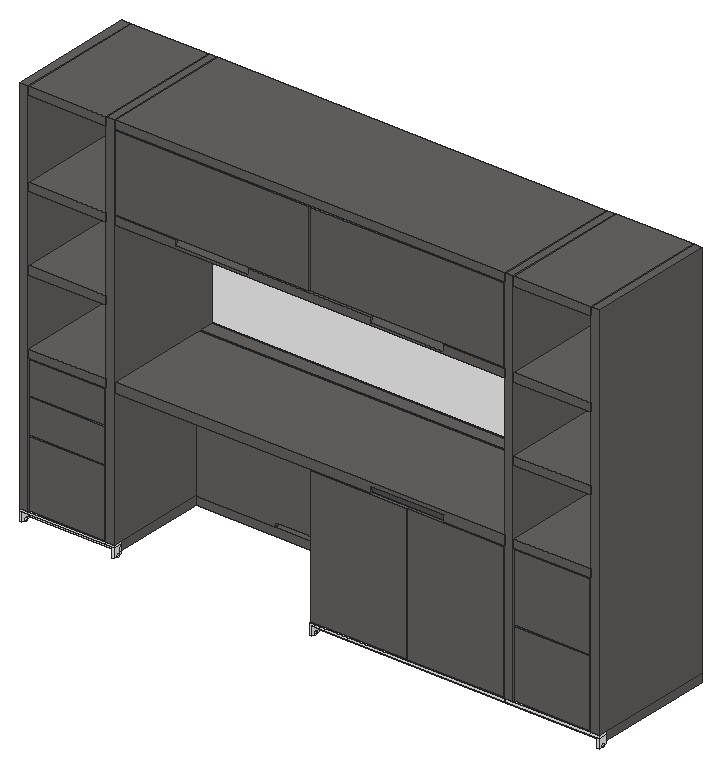
Revit family "Storage-Wall-Teknion-ZXOS_74_High_Without_Lights-R2011", category Furniture Systems, Revit 2013
Parameters (values of type "(See Type Catalog)")
  Working Wall Finish [instance] = Glass - Teknion - K6 - White Backpainted
  Width = 108 105/128"
  Warranty = "http://www.teknionstudio.com/pdfs/Teknion%20Studio%20Warranty.pdf"
  Wall Unit Finish [instance] = Veneer - Teknion - P7 - Grey Oak
  Unit Weight = 740.00 lbf
  URL = "www.teknionstudio.com"
  Tabletop Cutout Offset = if(Has Double Doors, 0", 4")  # 0"
  Right Storage Tower = Storage-Unit-Teknion-Tower : Upper Shelves & File/File Pedestal
  Left Storage Tower = Storage-Unit-Teknion-Tower : Upper Shelves & Box/Box/File Pedestal
  Series = "B&B Italia"
  Product Page URL = "http://www.teknionstudio.com/acexecutive/"
  Product Line = "AC Executive"
  Product Documentation Link = "http://www.teknionstudio.com/pricing/ac_executive_storage_walls_ppg.pdf"
  Part Number = "ZXOS"
  Model = ""
  Manufacturer Phone = "919-464-2920"
  Manufacturer Fax = "919-464-2927"
  Manufacturer Email = "customersupport@teknionstudio.com"
  Manufacturer Address = "3940 US 70 Business HWY West, Clayton, NC 27520"
  Manufacturer = "Teknion Studio"  # constant formula
  Low Emitting Material = yes
  Low Emitting Finish = yes
  Height = 73.81394"
  Has File File Drawers = not(Has Double Doors)  # no
  Has Double Doors = yes
  Description = ""
  Depth = 24"
  Assembly Code = "E2020200"
Reference planes (in)
  plane 1 "Center F/B": y = 0
  plane 2: z = 0
  plane 3 "Back": y = 12
  plane 4 "Front": y = -12
  plane 5 "Top": z = 73.81394
  plane 6: x = 28.60504
  plane 7: z = 29.68402
  plane 8: z = 56.1289
  plane 9: x = -44.78207
  plane 10: z = 2.1289
  plane 11 "Center (L/R)": x = -8.08858
  plane 12 "Foot Centerline": y = -11.2126
  plane 13 "Tabletop Cutout": y = -12
  plane 14 "Foot Centerline Front": y = -10.22835
  plane 15 "Foot Centerline Back": y = 10.22835
  plane 16: y = -8.484
  plane 17 "Left": x = -62.49874
  plane 18 "Right": x = 46.32157
Forms (in)
  Sweep 1, solid, material "Metal - Teknion - C6 - Chrome"
    path origin (0, 0, 0) x (1, 0, 0) y (0, 0, 1)
      loop
        line (-8.08858, 0.05803) -> (-8.08858, 2.1289) -> (28.60504, 2.1289)
    profile origin (10.25823, 0, 2.1289) x (0, 0, 1) y (0, -1, 0)
      loop
        line (0, 12) -> (-0.394, 12) -> (-0.394, 10.4252) -> (0, 10.4252) -> (0, 12)
  Sweep 2, solid, material "Metal - Teknion - C6 - Chrome"
    path origin (0, 0, 0) x (1, 0, 0) y (0, 0, 1)
      loop
        line (-8.08858, 2.1289) -> (28.60504, 2.1289)
    profile origin (10.25823, 0, 2.1289) x (0, 0, 1) y (0, -1, 0)
      loop
        line (-0.394, 10.6222) -> (-1.5748, 10.6222) -> (-1.5748, 10.4252) -> (-0.394, 10.4252) -> (-0.394, 10.6222)
  Revolve 3, solid, material "Metal - Teknion - C6 - Chrome"
    sketch origin (0.39385, -11.2126, 0) x (0, 0, -1) y (1, 0, 0)
      loop
        line (-0.4911, -8.28543) -> (-0.4911, -8.62008) -> (-0.45173, -8.65945) -> (-0.28492, -8.65945) -> (-0.24555, -8.62008) -> (-0.20618, -8.65945) -> (-0.03937, -8.65945) -> (0, -8.62008) -> (0, -8.28543) -> (-0.4911, -8.28543)
      axis (0, -8.28543) -> (-0.4911, -8.28543)
    angle from 0 to 360
  Sweep 4, solid, material "Veneer - Teknion - P7 - Grey Oak" <- "Wall Unit Finish"
    path origin (0, 0, 0) x (1, 0, 0) y (0, 0, 1)
      loop
        line (-44.78207, 29.68402) -> (28.60504, 29.68402)
    profile origin (-8.08852, 0, 29.68402) x (0, 0, 1) y (0, -1, 0)
      loop
        line (0, 12) -> (-1.7638, 12) -> (-1.7638, -7.11393) -> (-5.30827, -7.11393) -> (-5.30827, -7.08268) -> (-27.55512, -7.08268) -> (-27.55512, -7.11393) -> (-29.0945, -7.11393) -> (-29.0945, -12) -> (-27.55512, -12) -> (-27.55512, -7.80668) -> (-5.30828, -7.80668) -> (-5.30828, -12) -> (44.12992, -12) -> (44.12992, 12) -> (42.59022, 12) -> (42.59022, 11.2126) -> (27.98392, 11.2126) -> (27.98392, 12) -> (26.44488, 12) -> (26.44488, -10.94094) -> (0, -10.94094) -> (0, -10.90969) -> (-0.72441, -10.90969) -> (-0.72441, -10.56693) -> (0, -10.56693) -> (0, -8.05709) -> (-0.72441, -8.05709) -> (-0.72441, -7.80709) -> (0, -7.80709) -> (0, 12)
  Sweep 5, solid, material "Veneer - Teknion - P7 - Grey Oak" <- "Wall Unit Finish"
    path origin (0, 0, 0) x (1, 0, 0) y (0, 0, 1)
      loop
        line (-8.08858, 29.68402) -> (28.60504, 29.68402)
    profile origin (10.25823, 0, 29.68402) x (0, 0, 1) y (0, -1, 0)
      loop
        line (-1.7638, 11.27559) -> (-27.55512, 11.27559) -> (-27.55512, 10.4252) -> (-29.0945, 10.4252) -> (-29.0945, -12) -> (-1.7638, -12) -> (-1.7638, 11.27559)
  Sweep 6, solid, material "Veneer - Teknion - P7 - Grey Oak" <- "Wall Unit Finish"
    path origin (0, 0, 15.40683) x (-1, 0, 0) y (0, -1, 0)
      loop
        line (16.17717, 12) -> (16.17717, 11.276)
    profile origin (-16.17717, -11.638, 15.40683) x (-1, 0, 0) y (0, 0, 1)
      loop
        line (28.35376, 42.5111) -> (28.35376, 56.6174) -> (-7.96416, 56.6174) -> (-7.96416, 42.5111) -> (28.35376, 42.5111)
      loop
        line (-8.21416, 56.6174) -> (-44.5322, 56.6174) -> (-44.5322, 42.5111) -> (-8.21416, 42.5111) -> (-8.21416, 56.6174)
  Sweep 7, solid, material "Veneer - Teknion - P7 - Grey Oak" <- "Wall Unit Finish", visible <- "Has Double Doors"
    path origin (0, 0, 15.40683) x (-1, 0, 0) y (0, -1, 0)
      loop
        line (16.17717, 12) -> (16.17717, 11.276)
    profile origin (-16.17717, -11.638, 15.40683) x (-1, 0, 0) y (0, 0, 1)
      loop
        line (-44.5315, 12.26339) -> (-44.5315, -13.03482) -> (-26.54031, -13.03482) -> (-26.54031, 12.26339) -> (-44.5315, 12.26339)
      loop
        line (-26.29031, 12.26339) -> (-26.29031, -13.03482) -> (-8.33858, -13.03482) -> (-8.33858, 12.26339) -> (-26.29031, 12.26339)
  Sweep 8, solid, material "Veneer - Teknion - P7 - Grey Oak" <- "Wall Unit Finish", visible <- "Has File File Drawers"
    path origin (0, 0, 15.40683) x (-1, 0, 0) y (0, -1, 0)
      loop
        line (16.17717, 12) -> (16.17717, 11.276)
    profile origin (-16.17717, -11.638, 15.40683) x (-1, 0, 0) y (0, 0, 1)
      loop
        line (-44.5315, 12.26339) -> (-44.5315, 0.01144) -> (-8.33858, 0.01144) -> (-8.33858, 12.26339) -> (-44.5315, 12.26339)
      loop
        line (-8.33858, -0.77597) -> (-44.5315, -0.77597) -> (-44.5315, -13.03482) -> (-8.33858, -13.03482) -> (-8.33858, -0.77597)
  Sweep 9, void
    path origin (0, 0, 0) x (1, 0, 0) y (0, 0, 1)
      loop
        line (3.34896, 29.68402) -> (17.12848, 29.68402)
    profile origin (10.23872, 0, 29.68402) x (0, 0, 1) y (0, -1, 0)
      loop
        line (-1.7638, 12) -> (-1.7638, 11.52756) -> (-0.66143, 12) -> (-1.7638, 12)
  Sweep 10, void
    path origin (0, 0, 0) x (1, 0, 0) y (0, 0, 1)
      loop
        line (-33.3248, 56.1289) -> (-19.54528, 56.1289)
    profile origin (-26.43504, 0, 56.1289) x (0, 0, 1) y (0, -1, 0)
      loop
        line (1.53937, 12) -> (0.43699, 12) -> (1.53937, 11.52755) -> (1.53937, 12)
  Sweep 11, void
    path origin (0, 0, 0) x (1, 0, 0) y (0, 0, 1)
      loop
        line (3.36811, 56.1289) -> (17.14764, 56.1289)
    profile origin (10.25787, 0, 56.1289) x (0, 0, 1) y (0, -1, 0)
      loop
        line (1.53937, 11.52755) -> (1.53937, 12) -> (0.43699, 12) -> (1.53937, 11.52755)
  Sweep 12, void
    path origin (0, 0, 15.40683) x (-1, 0, 0) y (0, -1, 0)
      loop
        line (0, -7.80668) -> (0, -7.08268)
    profile origin (0, 7.44468, 15.40683) x (1, 0, 0) y (0, 0, 1)
      loop
        line (-29.86024, 8.96892) -> (-29.86024, 8.10396)
        arc (-29.86024, 8.10396) -> (-29.62961, 7.54718) -> (-29.07283, 7.31655) r 0.7874
        line (-29.07283, 7.31655) -> (-23.75787, 7.31655)
        arc (-23.75787, 7.31655) -> (-23.2011, 7.54718) -> (-22.97047, 8.10396) r 0.7874
        line (-22.97047, 8.10396) -> (-22.97047, 8.96892) -> (-29.86024, 8.96892)
      loop
        line (-22.97047, -13.27793) -> (-22.97047, -13.12045)
        arc (-22.97047, -13.12045) -> (-23.18957, -12.59152) -> (-23.7185, -12.37242) r 0.74803
        line (-23.7185, -12.37242) -> (-29.1122, -12.37242)
        arc (-29.1122, -12.37242) -> (-29.64114, -12.59152) -> (-29.86024, -13.12045) r 0.74803
        line (-29.86024, -13.12045) -> (-29.86024, -13.27793) -> (-22.97047, -13.27793)
Cuts and joins
  joined: Sweep 1, Sweep 2, Revolve 3
  Sweep 9, Sweep 10, Sweep 11, Sweep 12 cuts Sweep 4
  joined: Sweep 4, Sweep 5
Lines and regions (in)
  Masking region 1
    outline origin (0, 0, 15.40683) x (-1, 0, 0) y (0, -1, 0)
      loop
        line (44.78207, -12) -> (44.78207, 12) -> (-28.60504, 12) -> (-28.60504, -12) -> (44.78207, -12)
  symbolic lines, style "Elevation Swing"
    curve 1: line (-44.78207, -12, 57.66827) -> (-26.43533, -12, 72.02424)
    curve 2: line (-8.08858, -12, 57.66832) -> (-26.43533, -12, 72.02424)
    curve 3: line (-8.08858, 0, 57.66832) -> (10.25823, 0, 72.19583)
    curve 4: line (10.25823, 0, 72.19583) -> (28.60504, 0, 57.66827)
  symbolic lines, style "Elevation Swing", visible <- "Has Double Doors"
    curve 5: line (10.11315, 0, 27.67022) -> (-7.83858, 0, 15.02111)
    curve 6: line (-7.83858, 0, 15.02111) -> (10.11315, 0, 2.37201)
    curve 7: line (10.36315, 0, 2.37201) -> (28.3549, 0, 15.02456)
    curve 8: line (28.3549, 0, 15.02456) -> (10.36315, 0, 27.67022)
  symbolic lines, detail levels medium+fine
    curve 9: line (-8.08858, 12, 15.40683) -> (-8.08858, -12, 15.40683)
  symbolic lines, style "FurnitureSystemsHiddenLines", detail levels fine
    curve 10: line (28.6049, -11.276, 15.40683) -> (-8.08858, -11.276, 15.40683)
    curve 15: line (28.6049, 12, 15.40683) -> (28.6049, -12, 15.40683)
  symbolic lines, visible <- "Has Double Doors"
    curve 11: arc (10.25823, -12, 15.40683) -> (15.63184, -24.97306, 15.40683) -> (28.6049, -30.34668, 15.40683) r 18.34668
    curve 12: line (-8.08858, -12, 15.40683) -> (-8.08858, -30.34681, 15.40683)
    curve 13: line (28.6049, -12, 15.40683) -> (28.6049, -30.34668, 15.40683)
    curve 14: arc (-8.08858, -30.34681, 15.40683) -> (4.88457, -24.97315, 15.40683) -> (10.25823, -12, 15.40683) r 18.34681
Dimensions and locks (in)
  equal spacing: plane 3 "Back", plane 1 "Center F/B", plane 4 "Front"
  "Depth": plane 3 "Back" to plane 4 "Front"
  "Height": plane 5 "Top" to plane 2
  locked: plane 7 to plane 2 at 29.68402
  locked: plane 8 to plane 7 at 26.44488
  locked: plane 10 to plane 2 at 2.1289
  locked: plane 10 to Sweep 2 sketch curve at 0.394
  locked: Sweep 2 sketch curve to Sweep 2 sketch curve at 1.1808
  plane 4 "Front" to Sweep 2 sketch curve to Sweep 2 sketch curve = 1.3778" locked, 0.197" locked
  locked: Revolve 3 sketch curve to plane 2 at 0.4911
  plane 11 "Center (L/R)" to Revolve 3 sketch curve = 0.17702"  (x2)
  Revolve 3 sketch curve to Revolve 3 sketch curve to Revolve 3 sketch curve to Revolve 3 sketch curve to Revolve 3 sketch curve to plane 2 = 0.16681" locked, 0.03937" locked, 0.03937" locked, 0.16681" locked, 0.03937" locked
  Revolve 3 sketch curve to plane 11 "Center (L/R)" = 0.197"
  locked: plane 4 "Front" to plane 12 "Foot Centerline" at 0.7874
  locked: plane 10 to Sweep 4 sketch curve at 1.53939
  locked: plane 7 to Sweep 4 sketch curve at 1.7638
  Sweep 5 sketch curve to Sweep 5 sketch curve to plane 3 "Back" = 23.27559", 0"
  locked: plane 7 to Sweep 5 sketch curve at 1.7638
  locked: plane 4 "Front" to Sweep 5 sketch curve at 1.5748
  locked: plane 4 "Front" to Sweep 6 sketch curve at 0.724
  plane 5 "Top" to Sweep 6 sketch curve to Sweep 6 sketch curve = 1.7897" locked, 14.1063" locked  (x2)
  Sweep 6 sketch curve to Sweep 6 sketch curve to Sweep 6 sketch curve to Sweep 6 sketch curve = 36.31805", 1/4", 36.31791"
  locked: plane 4 "Front" to Sweep 7 sketch curve at 0.724
  locked: plane 4 "Front" to Sweep 8 sketch curve at 0.724
  locked: Sweep 9 sketch curve to Sweep 9 sketch curve at 13.77953
  locked: plane 7 to Sweep 9 sketch curve at 1.7638
  locked: plane 13 "Tabletop Cutout" to Sweep 9 sketch curve at 0.47244
  "Tabletop Cutout Offset": plane 13 "Tabletop Cutout" to plane 4 "Front"
  locked: Sweep 10 sketch curve to Sweep 10 sketch curve at 13.77953
  locked: Sweep 10 sketch curve to plane 8 at 1.53937
  locked: Sweep 10 sketch curve to plane 8 at 0.43699
  locked: plane 4 "Front" to Sweep 10 sketch curve at 0.47245
  Sweep 11 sketch curve to Sweep 11 sketch curve to plane 8 = 1.10238" locked, 0.43699" locked
  locked: plane 4 "Front" to Sweep 11 sketch curve at 0.47245
  plane 3 "Back" to Sweep 12 sketch curve to Sweep 12 sketch curve = 4.19332" locked, 0.724" locked
  equal spacing: plane 11 "Center (L/R)", curve 2, plane 9
  equal spacing: plane 6, curve 4, plane 11 "Center (L/R)"
  locked: plane 4 "Front" to curve 10 at 0.724
  locked: plane 3 "Back" to plane 15 "Foot Centerline Back" at 1.77165
  locked: plane 4 "Front" to plane 14 "Foot Centerline Front" at 1.77165
  locked: plane 4 "Front" to plane 16 at 3.516
  locked: plane 17 "Left" to plane 9 at 17.71667
  locked: Sweep 7 sketch curve to Sweep 7 sketch curve at 25.29821  (x2)
  Sweep 7 sketch curve to Sweep 7 sketch curve to Sweep 7 sketch curve to Sweep 7 sketch curve = 17.95173" locked, 1/4" locked, 17.99118" locked
  Sweep 8 sketch curve to Sweep 8 sketch curve to Sweep 8 sketch curve to Sweep 8 sketch curve = 12.25195" locked, 0.7874" locked, 12.25886" locked
  locked: Sweep 8 sketch curve to Sweep 8 sketch curve at 36.19291  (x2)
  equal spacing: curve 12, curve 14, plane 6
  locked: Sweep 12 sketch curve to Sweep 12 sketch curve at 6.88976  (x2)
  locked: Sweep 12 sketch curve to Sweep 12 sketch curve at 1.65236
  locked: Sweep 1 sketch curve to plane 2 at 0.05803
  locked: plane 6 to Sweep 9 sketch curve at 11.47655
  locked: plane 11 "Center (L/R)" to Sweep 10 sketch curve at 11.45669
  Sweep 11 sketch curve to Sweep 11 sketch curve to plane 11 "Center (L/R)" = 13.77953" locked, 11.45669" locked
  locked: Sweep 12 sketch curve to plane 11 "Center (L/R)" at 14.88189
  locked: plane 11 "Center (L/R)" to Sweep 12 sketch curve at 14.88189
  locked: plane 11 "Center (L/R)" to Sweep 8 sketch curve at 0.25
  locked: Sweep 8 sketch curve to plane 11 "Center (L/R)" at 0.25
  locked: plane 7 to Sweep 8 sketch curve at 2.0138
  locked: Sweep 7 sketch curve to plane 11 "Center (L/R)" at 0.25
  locked: plane 7 to Sweep 7 sketch curve at 2.0138  (x2)
  locked: Sweep 6 sketch curve to plane 6 at 0.25
  locked: Revolve 3 sketch curve to plane 11 "Center (L/R)" at 0.197
  locked: plane 6 to plane 18 "Right" at 17.71654
  "Width": plane 17 "Left" to plane 18 "Right"
  equal spacing: plane 17 "Left", plane 11 "Center (L/R)", plane 18 "Right"
  aligned and locked: level to plane 2
  aligned and locked: Sweep 1 sketch curve to plane 10  (x2)
  aligned and locked: Sweep 1 sketch curve to plane 4 "Front"
  aligned and locked: Sweep 2 sketch curve to plane 10
  aligned and locked: plane 2 to Revolve 3 sketch curve
  aligned and locked: Revolve 3 sketch curve to plane 2
  aligned and locked: plane 9 to Sweep 4 sketch curve
  aligned and locked: plane 6 to Sweep 4 sketch curve
  aligned and locked: Sweep 4 sketch curve to plane 7  (x4)
  aligned and locked: Sweep 4 sketch curve to plane 4 "Front"
  aligned and locked: plane 3 "Back" to Sweep 4 sketch curve  (x2)
  aligned and locked: Sweep 5 sketch curve to plane 7
  aligned and locked: plane 10 to Sweep 5 sketch curve
  aligned and locked: plane 4 "Front" to Sweep 6 sketch curve
  aligned and locked: Sweep 4 sketch curve to plane 8
  aligned and locked: plane 4 "Front" to Sweep 7 sketch curve
  aligned and locked: plane 4 "Front" to Sweep 8 sketch curve
  aligned and locked: Sweep 9 sketch curve to plane 7
  aligned and locked: plane 13 "Tabletop Cutout" to Sweep 9 sketch curve
  aligned and locked: Sweep 10 sketch curve to plane 8
  aligned and locked: Sweep 11 sketch curve to plane 8
  aligned and locked: Sweep 11 sketch curve to plane 4 "Front"
  aligned and locked: plane 9 to curve 1
  aligned and locked: plane 11 "Center (L/R)" to curve 2
  aligned and locked: Sweep 6 to curve 2
  aligned and locked: plane 6 to curve 4
  aligned and locked: Masking region 1 sketch curve to plane 3 "Back"
  aligned and locked: Masking region 1 sketch curve to plane 4 "Front"
  aligned and locked: plane 3 "Back" to curve 9
  aligned and locked: plane 4 "Front" to curve 9
  aligned and locked: plane 3 "Back" to curve 15
  aligned and locked: plane 4 "Front" to curve 15
  aligned and locked: plane 4 "Front" to Sweep 10 sketch curve
  aligned and locked: Sweep 4 sketch curve to plane 5 "Top"
  aligned and locked: plane 12 "Foot Centerline" to Sweep 4 sketch curve
  aligned and locked: plane 4 "Front" to Sweep 4 sketch curve  (x2)
  aligned and locked: plane 4 "Front" to curve 14
  aligned and locked: Sweep 1 sketch curve to plane 11 "Center (L/R)"
  aligned and locked: plane 11 "Center (L/R)" to Sweep 2 sketch curve
  aligned and locked: plane 10 to Sweep 12 sketch curve
  aligned and locked: plane 9 to Masking region 1 sketch curve
  aligned and locked: plane 1 "Center F/B" to Sweep 5 sketch curve
  aligned and locked: plane 11 "Center (L/R)" to Sweep 5 sketch curve
  aligned and locked: plane 6 to Sweep 5 sketch curve
  aligned and locked: nested 1 to plane 2
  aligned and locked: Sweep 7 to curve 7
  aligned and locked: curve 6 to Sweep 7
  aligned and locked: curve 8 to Sweep 7
  aligned and locked: Sweep 7 to curve 5
  aligned and locked: Sweep 7 to Sweep 7  (x3)
  aligned and locked: Sweep 7 to curve 6
  aligned and locked: curve 7 to Sweep 7
  aligned and locked: Sweep 7 to curve 8
  aligned and locked: Revolve 3 sketch curve to Revolve 3 sketch curve
  aligned and locked: plane 9 to nested 1
  aligned and locked: nested 1 to plane 1 "Center F/B"
  aligned and locked: Masking region 1 sketch curve to plane 6
  aligned and locked: plane 1 "Center F/B" to nested 2
  aligned and locked: nested 2 to plane 6
  aligned and locked: plane 2 to nested 2
  aligned and locked: plane 6 to Sweep 1 sketch curve
  aligned and locked: plane 6 to Sweep 2 sketch curve
  aligned and locked: plane 10 to Sweep 4 sketch curve
Automatic sketch dimensions
  curve 9 to plane 11 "Center (L/R)" = 0"
  curve 11 to plane 6 = 0.00013"
  curve 11 to curve 14 = 0"
  plane 8 to curve 2 = 1.53942"
  plane 8 to curve 1 = 1.53937"
  profile plane to Sweep 1 sketch curve = 0.394"
  Sweep 1 sketch curve to Sweep 1 sketch curve = 1.5748"
  Sweep 5 sketch curve to plane 11 "Center (L/R)" = 0"
  Sweep 5 sketch curve to plane 6 = 0"
  Sweep 5 sketch curve to Sweep 5 sketch curve = 1.53939"
  profile plane to Sweep 9 sketch curve = 0.66143"
  profile plane to Sweep 12 sketch curve = 8.96892"
  Sweep 12 sketch curve to Sweep 12 sketch curve = 0.74803"  (x2)
  Sweep 12 sketch curve to Sweep 12 sketch curve = 0.7874"  (x2)
  Sweep 12 sketch curve to Sweep 12 sketch curve = 0.15748"
  plane 11 "Center (L/R)" to Sweep 12 sketch curve = 8.08858"
  curve 3 to plane 11 "Center (L/R)" = 0"
  curve 8 to plane 6 = 0.25013"
  curve 8 to curve 5 = 0"
  plane 10 to curve 8 = 12.89566"
  plane 10 to curve 6 = 12.89222"
  plane 10 to curve 6 = 0.24311"
  plane 8 to curve 4 = 1.53937"
  plane 8 to curve 3 = 1.53942"
  curve 3 to plane 5 "Top" = 1.61811"
  Revolve 3 sketch curve to Revolve 3 sketch curve = 0.4777"
  Revolve 3 sketch curve to Revolve 3 sketch curve = 0.03937"  (x2)
  Sweep 4 sketch curve to Sweep 4 sketch curve = 0"  (x2)
  profile plane to Sweep 4 sketch curve = 5.30828"
  profile plane to Sweep 4 sketch curve = 0.72441"  (x2)
  Sweep 4 sketch curve to Sweep 4 sketch curve = 1.53904"
  Sweep 4 sketch curve to Sweep 4 sketch curve = 1.5397"
  Sweep 4 sketch curve to Sweep 4 sketch curve = 1.05906"
  Sweep 4 sketch curve to Sweep 4 sketch curve = 1/32"  (x2)
  Sweep 4 sketch curve to Sweep 4 sketch curve = 0.34277"
  Sweep 4 sketch curve to Sweep 4 sketch curve = 2.50984"
  Sweep 4 sketch curve to Sweep 4 sketch curve = 1/4"
  Sweep 4 sketch curve to Sweep 4 sketch curve = 4.19332"
  Sweep 4 sketch curve to Sweep 4 sketch curve = 4.88607"
  Sweep 4 sketch curve to Sweep 4 sketch curve = 0.69316"
  Sweep 6 sketch curve to plane 11 "Center (L/R)" = 8.08858"
  Sweep 7 sketch curve to plane 11 "Center (L/R)" = 8.08858"
  Sweep 8 sketch curve to plane 11 "Center (L/R)" = 8.08858"
Nested families (in)
  nested 1: "Storage-Unit-Teknion-Tower" at (-53.64034, 0, 0) x (-1, 0, 0) z (0, 0, 1), type <- "Left Storage Tower", Height <- "Height", type "Upper Shelves & Box/Box/File Pedestal"
    with Height 73.81394", Has Top Shelf no, Has Right Leg yes, Has Left Leg yes, Bottom Drawer Height 13.047"
  nested 2: "Storage-Unit-Teknion-Tower" at (37.46331, 0, 0), type <- "Right Storage Tower", Height <- "Height", type "Upper Shelves & File/File Pedestal"
    with Height 73.81394", Has Top Shelf no, Has Right Leg yes, Has Left Leg no, Bottom Drawer Height 13.047"
Definition of nested family "Storage-Unit-Teknion-Tower"
  Parameters (values of type "Upper Wardrobe & Lower Door")
    Width = 17.71654"
    Warranty = "http://www.teknionstudio.com/pdfs/Teknion%20Studio%20Warranty.pdf"
    Wall Unit Finish = Veneer - Teknion - P8 - Light Brushed Oak
    URL = "www.teknionstudio.com"
    Series = "B&B Italia"  # constant formula
    Product Line = "AC Executive"  # constant formula
    Model = ""
    Middle Drawer Height = if(Has Top Drawer, 6.425", 12.719")  # 12.719"
    Manufacturer Phone = "919-464-2920"
    Manufacturer Fax = "919-464-2927"
    Manufacturer Email = "customersupport@teknionstudio.com"
    Manufacturer Address = "3940 US 70 Business HWY West, Clayton, NC 27520"
    Manufacturer = "Teknion Studio"  # constant formula
    Height [instance] = 73.81394"
    Has Top Shelf [instance] = and(Height > 75", Has Shelves)  # no
    Has Top Drawer = no
    Has Top Door = yes
    Has Shelves = no
    Has Right Leg [instance] = yes
    Has Middle Drawer = no
    Has Lower Shelf = yes
    Has Left Leg [instance] = no
    Has Full Wardrobe Door = no
    Has Doors = yes
    Door Projection Symbol = yes
    Description = "Tower Storage Unit"
    Depth = 24"
    Bottom Drawer Height [instance] = if(Has Middle Drawer, 13.047", if(Has Top Drawer, 13.047", if(Has Full Wardrobe Door, (Height - 3.668"), 26.016")))  # 26.016"
    Assembly Code = "E2010200"
  Types (7): name | Middle Drawer Height | Has Top Drawer | Has Top Door | Has Shelves | Has Middle Drawer | Has Lower Shelf | Has Full Wardrobe Door | Has Doors | Door Projection Symbol | Bottom Drawer Height
    Upper Shelves & Lower Door | 12.719" | no | no | yes | no | yes | no | yes | yes | 26.016"
    Upper Shelves & File/File Pedestal | 12.719" | no | no | yes | yes | yes | no | no | no | 13.047"
    Upper Shelves & Box/Box/File Pedestal | 6.425" | yes | no | yes | yes | yes | yes | no | no | 13.047"
    Full Wardrobe | 12.719" | no | no | no | no | no | yes | yes | yes | 70.14594"
    Upper Wardrobe & Lower Door | 12.719" | no | yes | no | no | yes | no | yes | yes | 26.016"
    Upper Wardrobe & File/File Pedestal | 12.719" | no | yes | no | yes | yes | no | no | yes | 13.047"
    Upper Wardrobe & Box/Box/File Pedestal | 6.425" | yes | yes | no | yes | yes | no | no | yes | 13.047"
  Reference planes (in)
    plane 1 "Center F/B": y = 0
    plane 2: z = 0
    plane 3 "Center L/R": x = 0
    plane 4 "Left": x = -8.85827
    plane 5 "Right": x = 8.85827
    plane 6 "Back": y = 12
    plane 7 "Front": y = -12
    plane 8 "Top": z = 73.81394
    plane 9: x = -7.3189
    plane 10: x = 7.3189
    plane 11: z = 2.1289
    plane 12 "Foot Centerline": y = -11.2126
    plane 13: z = 29.68402
    plane 14 "Drawer 1 Top": z = 28.1449
    plane 15 "Drawer 2 Top": z = 40.8639
    plane 16 "Drawer 3 Top": z = 27.89502
    plane 17: z = 42.13677
  Forms (in)
    Sweep 1, solid, material "Metal - Teknion - C6 - Chrome", visible <- "Has Left Leg"
      path origin (0, -12, 0) x (1, 0, 0) y (0, 0, 1)
        loop
          line (-8.85827, 1.7349) -> (-8.85827, 0.05803)
      profile origin (-8.85827, -12, 0.89646) x (0, -1, 0) y (1, 0, 0)
        loop
          line (-1.5748, 0) -> (0, 0) -> (0, 0.394) -> (-1.5748, 0.394) -> (-1.5748, 0)
    Sweep 2, solid, material "Metal - Teknion - C6 - Chrome"
      path origin (0, -12, 0) x (1, 0, 0) y (0, 0, 1)
        loop
          line (-8.85827, 2.1289) -> (8.46427, 2.1289)
      profile origin (-0.197, -12, 2.1289) x (0, 0, 1) y (0, -1, 0)
        loop
          line (-0.394, -1.5748) -> (-0.394, -1.3778) -> (-1.575, -1.3778) -> (-1.575, -1.5748) -> (-0.394, -1.5748)
    Revolve 3, solid, material "Metal - Teknion - C6 - Chrome"
      sketch origin (0, -11.2126, 0) x (0, 0, -1) y (1, 0, 0)
        loop
          line (-0.4911, 8.32677) -> (-0.45173, 8.2874) -> (-0.28492, 8.2874) -> (-0.24555, 8.32677) -> (-0.20618, 8.2874) -> (-0.03937, 8.2874) -> (0, 8.32677) -> (0, 8.66142) -> (-0.4911, 8.66142) -> (-0.4911, 8.32677)
        axis (0, 8.66142) -> (-0.4911, 8.66142)
      angle from 0 to 360
    Revolve 4, solid, material "Metal - Teknion - C6 - Chrome", visible <- "Has Left Leg"
      sketch origin (0, -11.2126, 0) x (0, 0, -1) y (1, 0, 0)
        loop
          line (0, -8.99606) -> (0, -8.66142) -> (-0.4911, -8.66142) -> (-0.4911, -8.99606) -> (-0.45173, -9.03543) -> (-0.28492, -9.03543) -> (-0.24555, -8.99606) -> (-0.20618, -9.03543) -> (-0.03937, -9.03543) -> (0, -8.99606)
        axis (0, -8.66142) -> (-0.4911, -8.66142)
      angle from 0 to 360
    Sweep 5, solid, material "Veneer - Teknion - P8 - Light Brushed Oak" <- "Wall Unit Finish"
      path origin (0, 0, 0) x (1, 0, 0) y (0, 0, 1)
        loop
          line (0, 2.1289) -> (0, 73.81394)
      profile origin (0, 0, 37.97142) x (-1, 0, 0) y (0, -1, 0)
        loop
          line (8.85827, -12) -> (8.85827, 12) -> (7.3189, 12) -> (7.3189, -12) -> (8.85827, -12)
        loop
          line (-7.3189, 12) -> (-8.85827, 12) -> (-8.85827, -12) -> (-7.3189, -12) -> (-7.3189, 12)
    Sweep 6, solid, material "Veneer - Teknion - P8 - Light Brushed Oak" <- "Wall Unit Finish"
      path origin (0, 0, 15.40683) x (-1, 0, 0) y (0, -1, 0)
        loop
          line (0, -12) -> (0, 12)
      profile origin (0, 0, 15.40683) x (1, 0, 0) y (0, 0, 1)
        loop
          line (-7.3189, 58.4071) -> (-7.3189, 56.86773) -> (7.3189, 56.86773) -> (7.3189, 58.4071) -> (-7.3189, 58.4071)
    Sweep 7, solid, material "Veneer - Teknion - P8 - Light Brushed Oak" <- "Wall Unit Finish"
      path origin (0, -12, 0) x (1, 0, 0) y (0, 0, 1)
        loop
          line (0, 2.1289) -> (0, 72.27457)
      profile origin (0, -12, 37.20173) x (-1, 0, 0) y (0, -1, 0)
        loop
          line (7.3189, -24) -> (7.3189, -23.25) -> (-7.3189, -23.25) -> (-7.3189, -24) -> (7.3189, -24)
    Sweep 8, solid, material "Veneer - Teknion - P8 - Light Brushed Oak" <- "Wall Unit Finish", visible <- "Has Lower Shelf"
      path origin (0, -12, 0) x (1, 0, 0) y (0, 0, 1)
        loop
          line (-7.3189, 29.68402) -> (7.3189, 29.68402)
      profile origin (0, -12, 29.68402) x (0, 0, 1) y (0, -1, 0)
        loop
          line (0, 0) -> (-1.539, 0) -> (-1.539, -0.724) -> (-27.55512, -0.724) -> (-27.55512, -23.25) -> (0, -23.25) -> (0, 0)
    Sweep 9, solid, material "Veneer - Teknion - P8 - Light Brushed Oak" <- "Wall Unit Finish"
      path origin (0, -12, 0) x (1, 0, 0) y (0, 0, 1)
        loop
          line (0, 2.3789) -> (0, 27.8949)
      profile origin (0, -12, 15.1369) x (-1, 0, 0) y (0, -1, 0)
        loop
          line (7.0689, -0.724) -> (7.0689, 0) -> (-7.0689, 0) -> (-7.0689, -0.724) -> (7.0689, -0.724)
    Sweep 10, solid, material "Veneer - Teknion - P8 - Light Brushed Oak" <- "Wall Unit Finish", visible <- "Has Middle Drawer"
      path origin (0, -12, 0) x (1, 0, 0) y (0, 0, 1)
        loop
          line (0, 28.1449) -> (0, 40.8639)
      profile origin (0, -12, 34.5044) x (-1, 0, 0) y (0, -1, 0)
        loop
          line (7.0689, -0.724) -> (7.0689, 0) -> (-7.0689, 0) -> (-7.0689, -0.724) -> (7.0689, -0.724)
    Sweep 11, solid, material "Veneer - Teknion - P8 - Light Brushed Oak" <- "Wall Unit Finish", visible <- "Has Top Drawer"
      path origin (0, -12, 0) x (1, 0, 0) y (0, 0, 1)
        loop
          line (0, 47.15802) -> (0, 41.1139)
      profile origin (0, -12, 44.13596) x (0, -1, 0) y (1, 0, 0)
        loop
          line (0, 7.0689) -> (-0.724, 7.0689) -> (-0.724, -7.0689) -> (0, -7.0689) -> (0, 7.0689)
    Sweep 12, solid, material "Veneer - Teknion - P8 - Light Brushed Oak" <- "Wall Unit Finish", visible <- "Has Shelves"
      path origin (0, -12, 0) x (1, 0, 0) y (0, 0, 1)
        loop
          line (0, 42.13677) -> (0, 43.67614)
      profile origin (0, -12, 42.90646) x (-1, 0, 0) y (0, -1, 0)
        loop
          line (7.3189, -23.25) -> (7.3189, 0) -> (-7.3189, 0) -> (-7.3189, -23.25) -> (7.3189, -23.25)
    Sweep 13, solid, material "Veneer - Teknion - P8 - Light Brushed Oak" <- "Wall Unit Finish", visible <- "Has Shelves"
      path origin (0, -12, 13.9918) x (1, 0, 0) y (0, 0, 1)
        loop
          line (0, 42.13677) -> (0, 43.67614)
      profile origin (0, -12, 56.89825) x (-1, 0, 0) y (0, -1, 0)
        loop
          line (7.3189, -23.25) -> (7.3189, 0) -> (-7.3189, 0) -> (-7.3189, -23.25) -> (7.3189, -23.25)
    Sweep 14, solid, material "Veneer - Teknion - P8 - Light Brushed Oak" <- "Wall Unit Finish", visible <- "Has Top Door"
      path origin (0, -12, 0) x (1, 0, 0) y (0, 0, 1)
        loop
          line (0, 29.93402) -> (0, 72.02457)
      profile origin (0, -12, 50.97929) x (-1, 0, 0) y (0, -1, 0)
        loop
          line (7.0689, -0.724) -> (7.0689, 0) -> (-7.0689, 0) -> (-7.0689, -0.724) -> (7.0689, -0.724)
    Sweep 15, solid, material "Veneer - Teknion - P8 - Light Brushed Oak" <- "Wall Unit Finish"
      path origin (0, -12, 0) x (1, 0, 0) y (0, 0, 1)
        loop
          line (-8.85827, 2.1289) -> (8.85827, 2.1289)
      profile origin (0, -12, 2.1289) x (0, 0, 1) y (0, -1, 0)
        loop
          line (0, -1.5748) -> (-1.53937, -1.5748) -> (-1.53937, -24) -> (0, -24) -> (0, -1.5748)
    Sweep 16, solid, material "Veneer - Teknion - P8 - Light Brushed Oak" <- "Wall Unit Finish", visible <- "Has Top Shelf"
      path origin (0, 0, 0) x (1, 0, 0) y (0, 0, 1)
        loop
          line (0, 73.81394) -> (0, 72.27457)
      profile origin (0, 0, 73.04425) x (0, -1, 0) y (1, 0, 0)
        loop
          line (-11.25, -7.3189) -> (12, -7.3189) -> (12, 7.3189) -> (-11.25, 7.3189) -> (-11.25, -7.3189)
    Sweep 17, solid, material "Metal - Teknion - C6 - Chrome"
      path origin (0, 0, 0) x (1, 0, 0) y (0, 0, 1)
        loop
          line (-8.85827, 2.1289) -> (8.85827, 2.1289)
      profile origin (0, 0, 2.1289) x (0, 0, 1) y (0, -1, 0)
        loop
          line (0, 10.4252) -> (0, 12) -> (-0.394, 12) -> (-0.394, 10.4252) -> (0, 10.4252)
    Sweep 18, solid, material "Metal - Teknion - C6 - Chrome"
      path origin (0, 0, 0) x (1, 0, 0) y (0, 0, 1)
        loop
          line (8.85827, 1.7349) -> (8.85827, 0.05803)
      profile origin (8.85827, 0, 0.89646) x (0, -1, 0) y (1, 0, 0)
        loop
          line (10.4252, -0.394) -> (12, -0.394) -> (12, 0) -> (10.4252, 0) -> (10.4252, -0.394)
  Lines and regions (in)
    Masking region 1
      outline origin (0, 0, 15.40683) x (-1, 0, 0) y (0, -1, 0)
        loop
          line (8.85827, -12) -> (8.85827, 12) -> (-8.85827, 12) -> (-8.85827, -12) -> (8.85827, -12)
    symbolic lines, style "FurnitureSystems", detail levels medium+fine
      curve 1: line (-7.3189, 12, 15.40683) -> (-7.3189, -12, 15.40683)
      curve 2: line (7.3189, 12, 15.40683) -> (7.3189, -12, 15.40683)
    symbolic lines, style "FurnitureSystemsHiddenLines", detail levels fine
      curve 3: line (-7.3189, -11.276, 15.40683) -> (7.3189, -11.276, 15.40683)
    symbolic lines, style "Elevation Swing", visible <- "Has Doors"
      curve 4: line (-7.3189, -12, 2.1289) -> (7.3189, -12, 15.1369)
      curve 5: line (7.3189, -12, 15.1369) -> (-7.3189, -12, 28.1449)
    symbolic lines, style "Elevation Swing", visible <- "Has Top Door"
      curve 6: line (-7.3189, -12, 29.68402) -> (7.3189, -12, 50.97929)
      curve 7: line (7.3189, -12, 50.97929) -> (-7.3189, -12, 72.27457)
    symbolic lines, style "FurnitureSystems", visible <- "Door Projection Symbol"
      curve 8: arc (-7.3189, -12, 0) -> (-3.03159, -22.35048, 0) -> (7.3189, -26.6378, 0) r 14.6378
    symbolic lines, visible <- "Door Projection Symbol"
      curve 9: line (7.3189, -12, 15.40683) -> (7.3189, -26.6378, 15.40683)
  Dimensions and locks (in)
    equal spacing: plane 4 "Left", plane 3 "Center L/R", plane 5 "Right"
    "Width": plane 4 "Left" to plane 5 "Right"
    equal spacing: plane 6 "Back", plane 1 "Center F/B", plane 7 "Front"
    "Depth": plane 6 "Back" to plane 7 "Front"
    locked: plane 4 "Left" to plane 9 at 1.53937
    locked: plane 10 to plane 5 "Right" at 1.53937
    "Height": plane 8 "Top" to level
    locked: Sweep 1 sketch curve to level at 0.05803
    locked: plane 11 to plane 2 at 2.1289
    plane 11 to Sweep 2 sketch curve to Sweep 2 sketch curve = 0.394" locked, 1.181" locked
    plane 7 "Front" to Sweep 2 sketch curve to Sweep 2 sketch curve = 1.3778" locked, 0.197" locked
    locked: Revolve 3 sketch curve to plane 2 at 0.4911  (x2)
    locked: plane 5 "Right" to Revolve 3 sketch curve at 0.57087
    locked: plane 7 "Front" to plane 12 "Foot Centerline" at 0.7874
    Revolve 3 sketch curve to Revolve 3 sketch curve to Revolve 3 sketch curve to Revolve 3 sketch curve to plane 2 = 0.16681" locked, 0.07874" locked, 0.16681" locked, 0.03937" locked
    locked: Revolve 4 sketch curve to plane 2 at 0.4911  (x2)
    locked: Revolve 4 sketch curve to Revolve 4 sketch curve at 0.37402
    Revolve 4 sketch curve to Revolve 4 sketch curve to Revolve 4 sketch curve to Revolve 4 sketch curve to plane 2 = 0.16681" locked, 0.07874" locked, 0.16681" locked, 0.03937" locked
    locked: Revolve 4 sketch curve to plane 4 "Left" at 0.19685
    locked: plane 8 "Top" to Sweep 6 sketch curve at 1.53937
    locked: plane 8 "Top" to Sweep 7 sketch curve at 1.53937
    locked: plane 6 "Back" to Sweep 7 sketch curve at 0.75
    locked: plane 13 to plane 2 at 29.68402
    locked: plane 7 "Front" to Sweep 8 sketch curve at 0.724
    locked: plane 13 to Sweep 8 sketch curve at 1.539
    locked: plane 13 to plane 16 "Drawer 3 Top" at 1.789
    "Bottom Drawer Height": plane 14 "Drawer 1 Top" to plane 11
    "Middle Drawer Height": plane 15 "Drawer 2 Top" to plane 14 "Drawer 1 Top"
    locked: plane 14 "Drawer 1 Top" to Sweep 9 sketch curve at 0.25
    locked: plane 7 "Front" to Sweep 9 sketch curve at 0.724
    locked: Sweep 10 sketch curve to plane 12 "Foot Centerline" at 0.0634
    locked: plane 7 "Front" to Sweep 11 sketch curve at 0.724
    locked: plane 17 to plane 13 at 12.45276
    group 1 to group 2 = 0"  (x2)
    group 1 to group 2 = 13.9918"
    locked: Sweep 13 to plane 17 at 13.9918
    locked: plane 8 "Top" to Sweep 14 sketch curve at 1.78937
    locked: Sweep 14 sketch curve to plane 13 at 0.25
    locked: plane 7 "Front" to Sweep 14 sketch curve at 0.724
    locked: plane 11 to Sweep 15 sketch curve at 1.53937
    locked: plane 7 "Front" to Sweep 15 sketch curve at 1.5748
    equal spacing: Sweep 6, curve 7, plane 13
    equal spacing: plane 14 "Drawer 1 Top", curve 5, plane 11
    locked: plane 6 "Back" to Sweep 16 sketch curve at 0.75
    Sweep 16 sketch curve to Sweep 16 sketch curve to plane 2 = 1.53937" locked, 72.27457" locked
    locked: Sweep 9 sketch curve to plane 11 at 0.25
    locked: plane 9 to Sweep 9 sketch curve at 0.25
    locked: Sweep 9 sketch curve to plane 10 at 0.25
    locked: Sweep 11 sketch curve to plane 15 "Drawer 2 Top" at 0.25
    locked: plane 9 to Sweep 11 sketch curve at 0.25
    locked: Sweep 11 sketch curve to plane 10 at 0.25
    locked: Sweep 10 sketch curve to plane 10 at 0.25
    locked: plane 9 to Sweep 10 sketch curve at 0.25
    locked: Sweep 11 sketch curve to Sweep 11 sketch curve at 6.04412
    locked: Sweep 14 sketch curve to plane 10 at 0.25
    locked: plane 9 to Sweep 14 sketch curve at 0.25
    locked: plane 4 "Left" to Sweep 1 sketch curve at 0.394
    locked: plane 7 "Front" to Sweep 1 sketch curve at 1.5748
    locked: plane 11 to Sweep 1 sketch curve at 0.394
    locked: Sweep 17 sketch curve to plane 7 "Front" at 1.5748
    locked: plane 11 to Sweep 17 sketch curve at 0.394
    locked: Sweep 18 sketch curve to plane 2 at 0.05803
    locked: Sweep 18 sketch curve to plane 5 "Right" at 0.394
    locked: plane 7 "Front" to Sweep 18 sketch curve at 1.5748
    locked: plane 11 to Sweep 18 sketch curve at 0.394
    locked: plane 5 "Right" to Sweep 2 sketch curve at 0.394
    aligned and locked: level to plane 2
    aligned and locked: Sweep 1 sketch curve to plane 4 "Left"
    aligned and locked: Sweep 2 sketch curve to plane 11
    aligned and locked: plane 2 to Revolve 3 sketch curve
    aligned and locked: Revolve 3 sketch curve to plane 2
    aligned and locked: plane 2 to Revolve 4 sketch curve
    aligned and locked: Revolve 4 sketch curve to plane 2
    aligned and locked: plane 8 "Top" to Sweep 5 sketch curve
    aligned and locked: plane 11 to Sweep 5 sketch curve
    aligned and locked: plane 3 "Center L/R" to Sweep 5 sketch curve
    aligned and locked: Sweep 5 sketch curve to plane 6 "Back"
    aligned and locked: plane 6 "Back" to Sweep 5 sketch curve
    aligned and locked: Sweep 5 sketch curve to plane 10
    aligned and locked: plane 5 "Right" to Sweep 5 sketch curve
    aligned and locked: Sweep 5 sketch curve to plane 9
    aligned and locked: plane 4 "Left" to Sweep 5 sketch curve
    aligned and locked: Sweep 5 sketch curve to plane 7 "Front"
    aligned and locked: plane 7 "Front" to Sweep 5 sketch curve
    aligned and locked: plane 6 "Back" to Sweep 6 sketch curve
    aligned and locked: plane 7 "Front" to Sweep 6 sketch curve
    aligned and locked: Sweep 6 sketch curve to plane 3 "Center L/R"
    aligned and locked: plane 9 to Sweep 6 sketch curve
    aligned and locked: Sweep 6 sketch curve to plane 8 "Top"
    aligned and locked: Sweep 6 sketch curve to plane 10
    aligned and locked: plane 11 to Sweep 7 sketch curve
    aligned and locked: plane 3 "Center L/R" to Sweep 7 sketch curve
    aligned and locked: plane 9 to Sweep 7 sketch curve
    aligned and locked: Sweep 7 sketch curve to plane 10
    aligned and locked: Sweep 7 sketch curve to plane 6 "Back"
    aligned and locked: plane 9 to Sweep 8 sketch curve
    aligned and locked: plane 10 to Sweep 8 sketch curve
    aligned and locked: Sweep 8 sketch curve to plane 13  (x2)
    aligned and locked: plane 7 "Front" to Sweep 8 sketch curve
    aligned and locked: Sweep 8 sketch curve to plane 11
    aligned and locked: plane 3 "Center L/R" to Sweep 9 sketch curve
    aligned and locked: Sweep 9 sketch curve to plane 7 "Front"
    aligned and locked: plane 15 "Drawer 2 Top" to Sweep 10 sketch curve
    aligned and locked: plane 14 "Drawer 1 Top" to Sweep 10 sketch curve
    aligned and locked: plane 3 "Center L/R" to Sweep 10 sketch curve
    aligned and locked: plane 7 "Front" to Sweep 10 sketch curve
    aligned and locked: Sweep 11 sketch curve to plane 3 "Center L/R"
    aligned and locked: Sweep 11 sketch curve to plane 7 "Front"
    aligned and locked: Sweep 13 to plane 9
    aligned and locked: plane 3 "Center L/R" to Sweep 14 sketch curve
    aligned and locked: Sweep 14 sketch curve to plane 7 "Front"
    aligned and locked: plane 4 "Left" to Sweep 15 sketch curve
    aligned and locked: plane 5 "Right" to Sweep 15 sketch curve
    aligned and locked: Sweep 15 sketch curve to plane 11  (x2)
    aligned and locked: Sweep 15 sketch curve to plane 6 "Back"
    aligned and locked: plane 4 "Left" to Masking region 1 sketch curve
    aligned and locked: Masking region 1 sketch curve to plane 6 "Back"
    aligned and locked: Masking region 1 sketch curve to plane 5 "Right"
    aligned and locked: Masking region 1 sketch curve to plane 7 "Front"
    aligned and locked: plane 6 "Back" to curve 1
    aligned and locked: curve 1 to plane 9
    aligned and locked: plane 7 "Front" to curve 2
    aligned and locked: plane 6 "Back" to curve 2
    aligned and locked: curve 2 to plane 10
    aligned and locked: plane 9 to curve 3
    aligned and locked: plane 10 to curve 3
    aligned and locked: curve 3 to Sweep 14
    aligned and locked: plane 11 to curve 4
    aligned and locked: plane 9 to curve 4
    aligned and locked: plane 10 to curve 5
    aligned and locked: plane 9 to curve 5
    aligned and locked: plane 14 "Drawer 1 Top" to curve 5
    aligned and locked: plane 13 to curve 6
    aligned and locked: plane 9 to curve 6
    aligned and locked: plane 9 to curve 7
    aligned and locked: curve 7 to Sweep 6
    aligned and locked: plane 7 "Front" to curve 8
    aligned and locked: curve 8 to plane 10
    aligned and locked: Sweep 16 sketch curve to plane 3 "Center L/R"
    aligned and locked: plane 9 to Sweep 16 sketch curve
    aligned and locked: Sweep 16 sketch curve to plane 10
    aligned and locked: Sweep 16 sketch curve to plane 7 "Front"
    aligned and locked: plane 4 "Left" to Sweep 17 sketch curve
    aligned and locked: plane 5 "Right" to Sweep 17 sketch curve
    aligned and locked: Sweep 17 sketch curve to plane 11  (x2)
    aligned and locked: Sweep 17 sketch curve to plane 7 "Front"
    aligned and locked: Sweep 18 sketch curve to plane 5 "Right"  (x2)
    aligned and locked: Sweep 18 sketch curve to plane 7 "Front"
    aligned and locked: plane 4 "Left" to Sweep 2 sketch curve
  Automatic sketch dimensions
    Revolve 3 sketch curve to Revolve 3 sketch curve = 0.03937"  (x3)
    Revolve 3 sketch curve to Revolve 3 sketch curve = 0"  (x2)
    Revolve 3 sketch curve to plane 5 "Right" = 0.19685"
    Revolve 4 sketch curve to Revolve 4 sketch curve = 0.03937"  (x3)
    Revolve 4 sketch curve to Revolve 4 sketch curve = 0"  (x2)
    Sweep 12 sketch curve to Sweep 12 sketch curve = 1.53937"
    profile plane to Sweep 12 sketch curve = 0"
    profile plane to Sweep 12 sketch curve = 7.3189"
    Sweep 12 sketch curve to profile plane = 7.3189"
    Sweep 12 sketch curve to profile plane = 23 1/4"
    Sweep 13 sketch curve to Sweep 13 sketch curve = 1.53937"
    profile plane to Sweep 13 sketch curve = 0"
    profile plane to Sweep 13 sketch curve = 7.3189"
    Sweep 13 sketch curve to profile plane = 7.3189"
    Sweep 13 sketch curve to profile plane = 23 1/4"
    Sweep 8 sketch curve to Sweep 8 sketch curve = 22.526"
    curve 7 to plane 10 = 0"
    curve 8 to plane 9 = 0"
    plane 7 "Front" to curve 1 = 0"
    plane 7 "Front" to curve 9 = 14.6378"
    Sweep 1 sketch curve to profile plane = 0"
    plane 7 "Front" to Sweep 1 sketch curve = 0"
